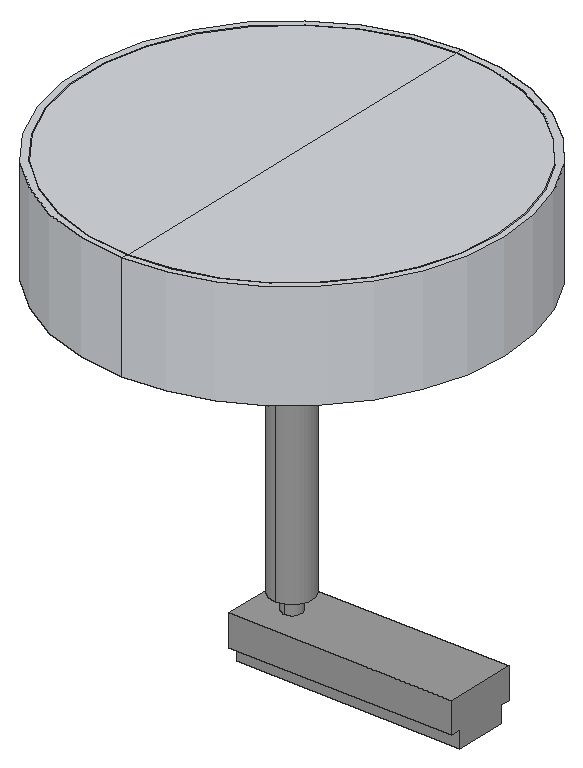
Revit family "Alcon - 15100_Suspended Small Disk - Linear", category Generic Models, host Face, Revit 2025
Family settings
  Host = Face
  Can host rebar = No
  Round Connector Dimension = Use Diameter
  Part Type = Normal
  Cut with Voids When Loaded = No
  Maintain Annotation Orientation = No
  Shared = No
  Room Calculation Point = No
Parameters
  HOUSING = Default
  Fixure Rotation = 90.00°
  Default Elevation = 4' - 0"
Reference planes (in)
  plane 1 "Center (Front/Back)": y = 0
  plane 2: z = 0
  plane 3 "Center (Left/Right)": x = 0
Forms (in)
  Extrusion 1, solid, material "Default" <- "HOUSING"
    sketch origin (-0.64495, -6.99033, 6.35123) x (0, -1, 0) y (0, 0, -1)
      loop
        line (-6.34033, 5.36282) -> (-6.34033, 5.93211) -> (-6.51937, 5.93211) -> (-6.51937, 6.23212) -> (-7.46129, 6.23212) -> (-7.46129, 5.93211) -> (-7.64033, 5.93211) -> (-7.64033, 5.36282) -> (-6.34033, 5.36282)
    from 0 to 4.13
  Revolve 2, solid, material "Default" <- "HOUSING"
    sketch origin (0, 0, 0) x (0, 1, 0) y (0, 0, 1)
      loop
        line (0, 0.98841) -> (0, 1.28553) -> (-0.17498, 1.28553) -> (-0.17498, 0.98841) -> (0, 0.98841)
      axis (0, 0.98841) -> (0, 1.28553)
    angle from 0 to 360
  Revolve 3, solid, material "Default" <- "HOUSING"
    sketch origin (0, 0, 0) x (0, 1, 0) y (0, 0, 1)
      loop
        line (-0.37315, 6.28553) -> (-0.37315, 1.28553) -> (0, 1.28553) -> (0, 6.28553) -> (-0.37315, 6.28553)
      axis (0, 6.28553) -> (0, 1.28553)
    angle from 0 to 360
Lines and regions (in)
  reference lines
    curve 1: line (0, -15.04158, 6.21109) -> (0, 17.20842, 6.21109)
Dimensions and locks (in)
  "Fixure Rotation": angle nested 1 to curve 1
  aligned and locked: plane 2 to host face
  aligned and locked: level to host face
Automatic sketch dimensions
  host sketch curve to host sketch curve = 8' - 0"  (x2)
  Extrusion 1 sketch curve to plane 1 "Center (Front/Back)" = 0' - 0.65"
  level to Extrusion 1 sketch curve = 0' - 0.11911"
  Extrusion 1 sketch curve to Extrusion 1 sketch curve = 0' - 0.17904"  (x2)
  plane 1 "Center (Front/Back)" to Extrusion 1 sketch curve = 0' - 0.47096"
  Extrusion 1 sketch curve to Extrusion 1 sketch curve = 0' - 0.30001"  (x2)
  Extrusion 1 sketch curve to Extrusion 1 sketch curve = 0' - 0.56929"
  Revolve 2 sketch curve to plane 1 "Center (Front/Back)" = 0' - 0"  (x2)
  Revolve 2 sketch curve to Revolve 2 sketch curve = 0' - 0.17498"
  level to Revolve 2 sketch curve = 0' - 0.98841"
  Revolve 2 sketch curve to Revolve 2 sketch curve = 0' - 0.29712"
  Revolve 2 sketch curve to Revolve 2 sketch curve = 0' - 0.0817"
  Revolve 2 sketch curve to Revolve 2 sketch curve = 0' - 0.64489"
  Revolve 3 sketch curve to plane 1 "Center (Front/Back)" = 0' - 0"  (x2)
  Revolve 3 sketch curve to Revolve 3 sketch curve = 0' - 0.37315"
  level to Revolve 3 sketch curve = 0' - 1.28553"
  Revolve 3 sketch curve to Revolve 3 sketch curve = 0' - 5"
  Revolve 3 sketch curve to Revolve 3 sketch curve = 0' - 0.01637"
  Revolve 3 sketch curve to Revolve 3 sketch curve = 0' - 0.22442"
  level to curve 1 = 0' - 6.21109"
  plane 1 "Center (Front/Back)" to curve 1 = 1' - 3.04158"
  curve 1 to plane 1 "Center (Front/Back)" = 1' - 5.20842"
Nested families (in)
  nested 1: "Alcon - 15100_Suspended Small Disk" at (0, 0, 6.21109) x (0, 0, -1) z (1, 0, 0), type "Alcon - 15100_Suspended Small Disk"
    with built-in parameter 1001306 0.27083 (stored number, unit not read)
Definition of nested family "Alcon - 15100_Suspended Small Disk"
  Parameters (values of type "Alcon - 15100_Suspended Small Disk")
    Wattage = 9.2903 W
    built-in parameter 1150110 = 1 (stored number, unit not read)
    built-in parameter 1114217 = 1 (stored number, unit not read)
    Tilt Angle = 60.00°
    built-in parameter 1150109 = 1 (stored number, unit not read)
    built-in parameter 1150134 = 3
    built-in parameter 1150113 = 1 (stored number, unit not read)
    built-in parameter 1010507 = 1.5708 (stored number, unit not read)
    built-in parameter 1010506 = 0.5236 (stored number, unit not read)
    built-in parameter 1150105 = 4614.1 (stored number, unit not read)
    Lumens = 1380 lm
    built-in parameter 1150115 = 1 (stored number, unit not read)
    Light Source Symbol Length = 10' - 0"
    built-in parameter 1150137 = (empty or 0)
    built-in parameter 1150139 = (empty or 0)
    built-in parameter 1001306 [instance] = 4' - 0"
    built-in parameter 1150112 = 1 (stored number, unit not read)
    built-in parameter 1150114 = 1 (stored number, unit not read)
    built-in parameter 1150132 = (empty or 0)
    built-in parameter 1150102 = (empty or 0)
    built-in parameter 1150107 = 3200 (stored number, unit not read)
    built-in parameter 1150138 = (empty or 0)
    built-in parameter 1150106 = 46.141 (stored number, unit not read)
    Housing = none
    Frosted Glass = none
    built-in parameter 1150104 = 13.8 (stored number, unit not read)
    Dimming Lamp Color Temperature Shift = (empty or 0)
    Default Elevation = 0' - 0"
    Color Filter = 16777215
    built-in parameter 1114218 = 1 (stored number, unit not read)
    built-in parameter 1150133 = 10 (stored number, unit not read)
  Reference planes (in)
    plane 1 "Center (Front/Back)": y = 0
    plane 2: z = 0
    plane 3 "Left": x = 0
    plane 4 "Right": x = 48
  Forms (in)
    Revolve 1, solid, material <- "Housing"
      sketch origin (-2.33756, 0, 0) x (1, 0, 0) y (0, 1, 0)
        loop
          line (1.36945, 0) -> (1.97, 0) -> (1.97, 3.935) -> (0, 3.935) -> (0, 3.81) -> (1.36945, 3.81) -> (1.36945, 0)
        axis (0, 0) -> (1.97, 0)
      angle from 0 to 360
    Revolve 2, solid, material <- "Frosted Glass"
      sketch origin (-2.33756, 0, 0) x (1, 0, 0) y (0, 1, 0)
        loop
          line (0, 0) -> (0.07967, 0) -> (0.07967, 3.81) -> (0, 3.81) -> (0, 0)
        axis (0, 0) -> (0.07967, 0)
      angle from 0 to 360
    Revolve 3, solid, material <- "Housing"
      sketch origin (-0.17072, 0, 0) x (1, 0, 0) y (0, 1, 0)
        loop
          line (-0.19683, 0) -> (0.51317, 0) -> (0.51317, 0.66894) -> (-0.19683, 0.66894) -> (-0.19683, 0)
        axis (-0.19683, 0) -> (0.51317, 0)
      angle from 0 to 360
    Extrusion 4, void
      sketch origin (0.34244, 0, 0) x (0, 0, 1) y (0, 1, 0)
        loop
          circle (0, 0) r 0.38902
      from 0 to 0.55976
  Cuts and joins
    Extrusion 4 cuts Revolve 1
    Extrusion 4 cuts Revolve 2
    Extrusion 4 cuts Revolve 3
  Lines and regions (in)
    reference lines
      curve 1: line (0, 0, 0) -> (48, 0, 0)
    model lines
      curve 2: line (0, 0, 0) -> (-30, 0, 0)
  Dimensions and locks (in)
    "built-in parameter 1001306": plane 3 "Left" to plane 4 "Right"
    aligned and locked: plane 4 "Right" to curve 1
    aligned and locked: plane 1 "Center (Front/Back)" to curve 1
    aligned and locked: plane 3 "Left" to curve 1
    aligned and locked: level to plane 2
  Automatic sketch dimensions
    Revolve 1 sketch curve to plane 3 "Left" = 0' - 2.33756"  (x2)
    plane 1 "Center (Front/Back)" to Revolve 1 sketch curve = 0' - 0"  (x2)
    Revolve 1 sketch curve to Revolve 1 sketch curve = 0' - 1.36945"
    Revolve 1 sketch curve to Revolve 1 sketch curve = 0' - 0.60055"
    Revolve 1 sketch curve to plane 1 "Center (Front/Back)" = 0' - 3.81"
    Revolve 1 sketch curve to Revolve 1 sketch curve = 0' - 0 1/8"
    Revolve 1 sketch curve to Revolve 1 sketch curve = 0' - 0"
    plane 1 "Center (Front/Back)" to Revolve 2 sketch curve = 0' - 0"  (x2)
    Revolve 2 sketch curve to plane 3 "Left" = 0' - 2.33756"
    Revolve 2 sketch curve to plane 3 "Left" = 0' - 2.25788"
    Revolve 2 sketch curve to Revolve 2 sketch curve = 0' - 3.81"
    Revolve 2 sketch curve to Revolve 2 sketch curve = 0' - 0.63097"
    Revolve 2 sketch curve to Revolve 2 sketch curve = 0' - 0.6588"
    plane 1 "Center (Front/Back)" to Revolve 3 sketch curve = 0' - 0"  (x2)
    Revolve 3 sketch curve to plane 3 "Left" = 0' - 0.36756"
    plane 3 "Left" to Revolve 3 sketch curve = 0' - 0.34244"
    Revolve 3 sketch curve to plane 1 "Center (Front/Back)" = 0' - 0.66894"
    Revolve 3 sketch curve to Revolve 3 sketch curve = 0' - 0.03766"
    Revolve 3 sketch curve to Revolve 3 sketch curve = 0' - 0"
    plane 1 "Center (Front/Back)" to curve 2 = 0' - 0"
    curve 2 to plane 3 "Left" = 0' - 0"
    curve 2 to curve 2 = 2' - 6"
    radius of Extrusion 4 sketch curve to Revolve 3 = 0' - 0.27992"
